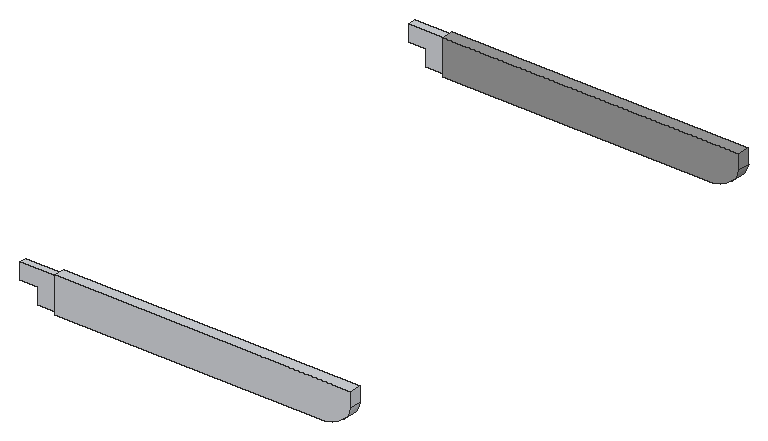
Revit family "穿插枋", category 常规模型, Revit 2022
Family settings
  可将钢筋附着到主体 = 否
  圆形连接件大小 = 使用直径
  零件类型 = 标准
  基于工作平面 = 否
  总是垂直 = 是
  加载时剪切的空心 = 否
  保持注释方向 = 否
  共享 = 否
  房间计算点 = 否
Parameters
  默认高程 = 0 mm
  穿插枋高 [instance] = 200.301 mm
  穿插枋长 [instance] = 1660 mm
  穿插枋榫卯高 [instance] = 90 mm
  穿插枋榫卯长 [instance] = 100 mm
  穿插枋榫卯宽 [instance] = 40.121 mm
  穿插枋宽 [instance] = 65 mm
Reference planes
  plane 1 "中心(前/后)": y = 0
  plane 2: z = 0
  plane 3 "中心(左/右)": x = 0
Forms (mm)
  Extrusion 1, solid, material "杉木"
    sketch origin (-2112.539, 2570.334, -330.157) x (-1, 0, 0) y (0, 0, 1)
      loop
        line (-1728.526, 2451.112) -> (-3388.526, 2451.112) -> (-3388.526, 2367.552)
        spline (-3388.526, 2367.552) -> (-3386.545, 2354.581) -> (-3382.727, 2342.199) -> (-3377.073, 2330.407) -> (-3369.581, 2319.205) -> (-3360.253, 2308.592) -> (-3349.088, 2298.569) -> (-3336.087, 2289.135) -> (-3321.248, 2280.291) -> (-3304.573, 2272.037) -> (-3286.06, 2264.372) -> (-3265.711, 2257.297) -> (-3243.526, 2250.811)
        line (-3243.526, 2250.811) -> (-1728.526, 2250.811) -> (-1728.526, 2451.112)
    from 83.42 to 148.587
  Extrusion 2, solid
    sketch origin (-946.05, 3011.489, 0) x (1, 0, 0) y (0, 0, 1)
      loop
        line (562.037, 2112.348) -> (362.037, 2112.348) -> (362.037, 2022.348) -> (462.037, 2022.348) -> (462.037, 1932.348) -> (562.037, 1932.348) -> (562.037, 2112.348)
    from 302.16 to 347.932
  Extrusion 3, solid
    sketch origin (0, 0, 0) x (1, 0, 0) y (0, 0, 1)
      loop
        line (-384.013, 2120.955) -> (-384.013, 1920.654) -> (1130.987, 1920.654)
        spline (1130.987, 1920.654) -> (1153.173, 1927.14) -> (1173.522, 1934.215) -> (1192.034, 1941.88) -> (1208.709, 1950.134) -> (1223.548, 1958.978) -> (1236.55, 1968.412) -> (1247.714, 1978.435) -> (1257.043, 1989.048) -> (1264.534, 2000.25) -> (1270.188, 2012.042) -> (1274.006, 2024.424) -> (1275.987, 2037.395)
        line (1275.987, 2037.395) -> (1275.987, 2120.955) -> (-384.013, 2120.955)
    from 0 to 65
  Extrusion 4, solid
    sketch origin (0, 0, 0) x (1, 0, 0) y (0, 0, 1)
      loop
        line (-384.013, 2112.348) -> (-584.013, 2112.348) -> (-584.013, 2022.348) -> (-484.013, 2022.348) -> (-484.013, 1932.348) -> (-384.013, 1932.348) -> (-384.013, 2112.348)
    from 13.989 to 54.11
Dimensions and locks
  "穿插枋长": Extrusion 3 sketch curve to Extrusion 3 sketch curve
  "穿插枋高": Extrusion 3 sketch curve to Extrusion 3 sketch curve
  "穿插枋宽": Extrusion 3 to Extrusion 3
  Extrusion 1 to Extrusion 1 = 65.167 mm
  "穿插枋榫卯长": Extrusion 4 sketch curve to Extrusion 4 sketch curve
  "穿插枋榫卯高": Extrusion 4 sketch curve to Extrusion 4 sketch curve
  "穿插枋榫卯宽": Extrusion 4 to Extrusion 4
  aligned and locked: level to plane 2
Automatic sketch dimensions
  plane 3 "中心(左/右)" to Extrusion 1 sketch curve = 1275.987 mm
  Extrusion 1 sketch curve to Extrusion 1 sketch curve = 145 mm
  Extrusion 1 sketch curve to plane 3 "中心(左/右)" = 384.013 mm
  level to Extrusion 1 sketch curve = 1920.654 mm
  Extrusion 1 sketch curve to Extrusion 1 sketch curve = 116.74 mm
  Extrusion 1 sketch curve to Extrusion 1 sketch curve = 200.301 mm
  Extrusion 2 sketch curve to plane 3 "中心(左/右)" = 584.013 mm
  Extrusion 2 sketch curve to Extrusion 2 sketch curve = 100 mm  (x2)
  level to Extrusion 2 sketch curve = 1932.348 mm
  Extrusion 2 sketch curve to Extrusion 2 sketch curve = 90 mm  (x2)
  Extrusion 3 sketch curve to plane 3 "中心(左/右)" = 384.013 mm
  Extrusion 3 sketch curve to Extrusion 3 sketch curve = 145 mm
  level to Extrusion 3 sketch curve = 1920.654 mm
  Extrusion 3 sketch curve to Extrusion 3 sketch curve = 83.56 mm
  Extrusion 4 sketch curve to plane 3 "中心(左/右)" = 584.013 mm
  Extrusion 4 sketch curve to Extrusion 4 sketch curve = 100 mm
  level to Extrusion 4 sketch curve = 1932.348 mm
  Extrusion 4 sketch curve to Extrusion 4 sketch curve = 90 mm
